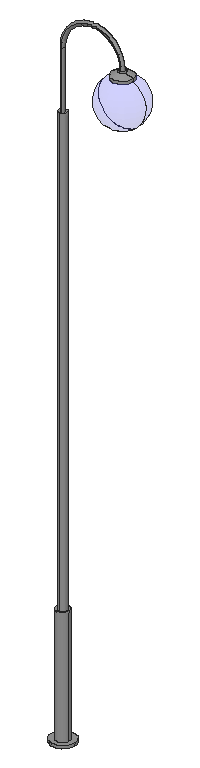
Revit family "6983 Стальной фонарный столб Т-22 со светильником Хоббика", category Антураж, Revit 2018
Family settings
  На основе рабочей плоскости = Нет
  Всегда вертикально = Да
  При загрузке вырезать с полостями = Нет
  Источник визуального образа = Геометрия семейства
  Общий = Нет
  Точка расчета площади = Нет
Parameters (values of type "Версия 5,516 м")
  Ширина = 400 mm  # constant formula
  Цвет каркаса = Сталь
  Описание = if([Версия 3,516 м], "Стальной фонарный столб Т-22 со светильником. Версия 3,516 м", if([Версия 4,016 м], "Стальной фонарный столб Т-22 со светильником. Версия 4,016 м", if([Версия 4,516 м], "Стальной фонарный столб Т-22 со светильником. Версия 4,516 м", if([Версия 5,016 м], "Стальной фонарный столб Т-22 со светильником. Версия 5,016 м", if([Версия 5,516 м], "Стальной фонарный столб Т-22 со светильником. Версия 5,516 м", "Стальной фонарный столб Т-22 со светильником. Версия 6,016 м")))))  # "Стальной фонарный столб Т-22 со светильником. Версия 5,516 м"
  Материал изделия = "Сталь"  # constant formula
  Изображение типоразмера = Стальной фонарный столб Т-22 со светильником Арт 6983.jpg
  Изготовитель = "ООО «Хоббика»"  # constant formula
  Длина = 805 mm  # constant formula
  Группа модели = "Светильники со стальными опорами"  # constant formula
  Высота = if([Версия 3,516 м], 3516 mm, if([Версия 4,016 м], 4016 mm, if([Версия 4,516 м], 4516 mm, if([Версия 5,016 м], 5016 mm, if([Версия 5,516 м], 5516 mm, 6016 mm)))))  # 5516 mm
  Версия 6,016 м = no
  Версия 5,516 м = yes
  Версия 5,016 м = no
  Версия 4,516 м = no
  Версия 4,016 м = no
  Версия 3,516 м = no
  Артикул товара = "Арт. 6983"  # constant formula
  URL = "https://hobbyka.ru/product/stalnoy_fonarnyy_stolb_t22_so_svetilnikom/"
Types (7, lengths in mm): name | Описание | Высота | Версия 6,016 м | Версия 5,516 м | Версия 5,016 м | Версия 4,516 м | Версия 4,016 м | Версия 3,516 м
  (no name) | "Стальной фонарный столб Т-22 со светильником. Версия 5,516 м" | 5516 | no | yes | no | no | no | no
  Версия 3,516 м | "Стальной фонарный столб Т-22 со светильником. Версия 3,516 м" | 3516 | no | no | no | no | no | yes
  Версия 4,016 м | "Стальной фонарный столб Т-22 со светильником. Версия 4,016 м" | 4016 | no | no | no | no | yes | no
  Версия 4,516 м | "Стальной фонарный столб Т-22 со светильником. Версия 4,516 м" | 4516 | no | no | no | yes | no | no
  Версия 5,016 м | "Стальной фонарный столб Т-22 со светильником. Версия 5,016 м" | 5016 | no | no | yes | no | no | no
  Версия 5,516 м | "Стальной фонарный столб Т-22 со светильником. Версия 5,516 м" | 5516 | no | yes | no | no | no | no
  Версия 6,016 м | "Стальной фонарный столб Т-22 со светильником. Версия 6,016 м" | 6016 | yes | no | no | no | no | no
Reference planes
  plane 1 "По центру (Вперед/Назад)": y = 0
  plane 2: z = 0
  plane 3 "По центру (Влево/Вправо)": x = 0
  plane 4: y = 400
  plane 5: y = 200
  plane 6: x = 805
  plane 7: z = 5516
  plane 8: z = 4756
  plane 9: z = 1000
Forms (mm)
  Extrusion 1, solid, material "Сталь" <- "Цвет каркаса"
    sketch origin (0, 0, 0) x (1, 0, 0) y (0, 1, 0)
      loop
        circle (100, 200) r 100
    from 0 to 20
  Extrusion 2, solid, material "Сталь" <- "Цвет каркаса"
    sketch origin (0, 0, 0) x (1, 0, 0) y (0, 1, 0)
      loop
        circle (100, 200) r 54
    from 20 to 1000
  Extrusion 3, solid, material "Сталь" <- "Цвет каркаса"
    sketch origin (0, 0, 0) x (1, 0, 0) y (0, 1, 0)
      loop
        circle (100, 200) r 35
    from 1000 to 4756
Dimensions and locks
  "Ширина": plane 4 to plane 1 "По центру (Вперед/Назад)"
  equal spacing: plane 4, plane 5, plane 1 "По центру (Вперед/Назад)"
  "Длина": plane 3 "По центру (Влево/Вправо)" to plane 6
  "Высота": plane 7 to level
  locked: plane 7 to plane 8 at 760
  plane 9 to level = 1000 mm
  aligned and locked: level to plane 2
  aligned and locked: plane 3 "По центру (Влево/Вправо)" to nested 1
  aligned and locked: plane 5 to nested 1
  aligned and locked: plane 8 to nested 1
  aligned and locked: plane 8 to Extrusion 3
  aligned and locked: Extrusion 3 to plane 9
  aligned and locked: plane 9 to Extrusion 2
Automatic sketch dimensions
  Extrusion 1 sketch curve to plane 5 = 0 mm
  plane 3 "По центру (Влево/Вправо)" to Extrusion 1 sketch curve = 100 mm
  Extrusion 2 sketch curve to plane 5 = 0 mm
  plane 3 "По центру (Влево/Вправо)" to Extrusion 2 sketch curve = 100 mm
  Extrusion 3 sketch curve to Extrusion 3 sketch curve = 0 mm  (x2)
  Extrusion 3 sketch curve to plane 5 = 0 mm
  plane 3 "По центру (Влево/Вправо)" to Extrusion 3 sketch curve = 100 mm
  Extrusion 3 sketch curve to Extrusion 3 sketch curve = 35 mm
  radius of Extrusion 1 sketch curve = 100 mm
  radius of Extrusion 2 sketch curve = 54 mm
Nested families
  nested 1: "Стальной фонарный столб Т-22 со светильником Арт 6983 светильник" at (0, 200, 4756) x (0, 1, 0) z (0, 0, 1), type "Стальной фонарный столб Т-22 со светильником Арт 6983 светильник"
Definition of nested family "Стальной фонарный столб Т-22 со светильником Арт 6983 светильник"
  Parameters (values of type "Стальной фонарный столб Т-22 со светильником Арт 6983 светильник")
    Цвет каркаса = none
    Height = 0 mm
  Reference planes
    plane 1 "По центру (Вперед/Назад)": y = 0
    plane 2: z = 0
    plane 3 "По центру (Влево/Вправо)": x = 0
    plane 4: z = 760
  Forms (mm)
    Sweep 1, solid, material <- "Цвет каркаса"
      path origin (0, -109.571, -25.748) x (0, 1, 0) y (0, 0, 1)
        loop
          line (9.571, 25.748) -> (9.571, 518.232)
          arc (9.571, 518.232) -> (-242.945, 770.748) -> (-495.461, 518.232) r 252.516
      profile origin (0, -100, 246.242) x (0, -1, 0) y (1, 0, 0)
        loop
          circle (0, 0) r 15
    Revolve 2, solid
      sketch origin (0, -109.571, -25.048) x (0, 1, 0) y (0, 0, 1)
        loop
          line (-495.461, 77.532) -> (-495.461, 456.98) -> (-583.77, 456.98)
          arc (-583.77, 456.98) -> (-690.255, 232.197) -> (-495.461, 77.532) r 200
        axis (-495.461, 456.98) -> (-495.461, 77.532)
      angle from 0 to 360
    Revolve 3, solid, material <- "Цвет каркаса"
      sketch origin (0, -109.571, -25.048) x (0, 1, 0) y (0, 0, 1)
        loop
          line (-495.461, 517.532) -> (-525.461, 517.532) -> (-525.461, 507.532) -> (-583.77, 476.98) -> (-583.77, 456.98) -> (-495.461, 456.98) -> (-495.461, 517.532)
        axis (-495.461, 517.532) -> (-495.461, 456.98)
      angle from 0 to 360
  Dimensions and locks
    aligned and locked: level to plane 2
